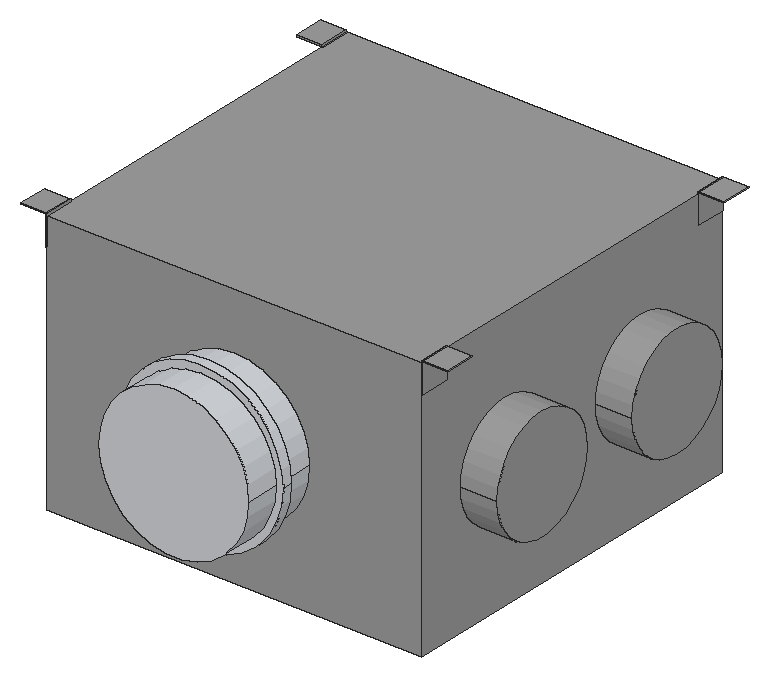
Revit family "FASU(F4-150 200Φ)", category ダクト付属品, Revit 2022
Family settings
  丸型コネクタ寸法 = 直径を使用
  パーツ タイプ = ダンパー
  OmniClass 番号 = 23.75.00.00
  OmniClass タイトル = Climate Control (HVAC)
  作業面ベース = いいえ
  常に垂直 = はい
  ロード時にボイドで切り取り = いいえ
  共有 = いいえ
Parameters
  高さ = 350 mm
  風量 = 0.0 L/s
  符号 = "FASU"
  形式 = "F4-150 200φ"
  幅 [instance] = 500 mm
  奥行き = 500 mm
  大きさ = 200 mm
  呼称 = "FASUチャンバー"
  付属品_下端レベル [instance] = 0 mm
  マテリアル [instance] = 既定値
  ダクト_イン = 200 mm
  ダクト_アウト = 150 mm
  既定の高さ = 0 mm
Reference planes
  plane 1 "中心(正面/背面)": y = 0
  plane 2: z = 0
  plane 3 "中心(左/右)": x = 0
  plane 4: x = -250
  plane 5: x = 250
  plane 6: y = -500
  plane 7: z = 350
  plane 8: z = 175
  plane 9: z = 266.963
  plane 10: z = 86.159
  plane 11: x = -251
  plane 12: z = 313.122
  plane 13: z = 352.122
  plane 14: y = -250
Forms (mm)
  Extrusion 1, solid, material "既定値" <- "マテリアル"
    sketch origin (0, 0, 0) x (1, 0, 0) y (0, 1, 0)
      loop
        line (-250, 0) -> (-250, -500) -> (250, -500) -> (250, 0) -> (-250, 0)
    from 0 to 350
  Extrusion 2, solid, material "既定値" <- "マテリアル"
    sketch origin (0, -30, 0) x (0, 1, 0) y (0, 0, 1)
      loop
        circle (-332.5, 175) r 74.985
    from -300 to -250
  Extrusion 3, solid, material "既定値" <- "マテリアル"
    sketch origin (550, -30, 0) x (0, 1, 0) y (0, 0, 1)
      loop
        circle (-332.5, 175) r 74.985
    from -300 to -250
  Extrusion 4, solid, material "既定値" <- "マテリアル"
    sketch origin (0, -30, 0) x (1, 0, 0) y (0, 1, 0)
      loop
        line (-250, 30) -> (-251, 30) -> (-251, -10) -> (-250, -10) -> (-250, 30)
    from 313.122 to 350
  Extrusion 5, solid, material "既定値" <- "マテリアル"
    sketch origin (0, -30, 0) x (1, 0, 0) y (0, 1, 0)
      loop
        line (-285, 30) -> (-285, -10) -> (-251, -10) -> (-251, 30) -> (-285, 30)
    from 352.122 to 350
  Extrusion 6, solid, material "既定値" <- "マテリアル"
    sketch origin (0, -30, 0) x (-1, 0, 0) y (0, -1, 0)
      loop
        line (-250, -30) -> (-250, 10) -> (-251, 10) -> (-251, -30) -> (-250, -30)
    from 313.122 to 353.122
  Extrusion 7, solid, material "既定値" <- "マテリアル"
    sketch origin (0, -30, 0) x (-1, 0, 0) y (0, -1, 0)
      loop
        line (-285, -30) -> (-251, -30) -> (-251, 10) -> (-285, 10) -> (-285, -30)
    from 352.122 to 353.122
  Extrusion 8, solid, material "既定値" <- "マテリアル"
    sketch origin (0, -490, 0) x (1, 0, 0) y (0, 1, 0)
      loop
        line (-285, 30) -> (-285, -10) -> (-251, -10) -> (-251, 30) -> (-285, 30)
    from 352.122 to 353.122
  Extrusion 9, solid, material "既定値" <- "マテリアル"
    sketch origin (0, -490, 0) x (1, 0, 0) y (0, 1, 0)
      loop
        line (-250, 30) -> (-251, 30) -> (-251, -10) -> (-250, -10) -> (-250, 30)
    from 313.122 to 353.122
  Extrusion 10, solid, material "既定値" <- "マテリアル"
    sketch origin (0, -490, 0) x (-1, 0, 0) y (0, -1, 0)
      loop
        line (-285, -30) -> (-251, -30) -> (-251, 10) -> (-285, 10) -> (-285, -30)
    from 352.122 to 353.122
  Extrusion 11, solid, material "既定値" <- "マテリアル"
    sketch origin (0, -490, 0) x (-1, 0, 0) y (0, -1, 0)
      loop
        line (-250, -30) -> (-250, 10) -> (-251, 10) -> (-251, -30) -> (-250, -30)
    from 313.122 to 353.122
  Extrusion 12, solid, material "既定値" <- "マテリアル"
    sketch origin (550, -470, 0) x (0, -1, 0) y (0, 0, -1)
      loop
        circle (-332.5, -175) r 74.985
    from -300 to -250
  Extrusion 13, solid, material "既定値" <- "マテリアル"
    sketch origin (-550, -470, 0) x (0, -1, 0) y (0, 0, 1)
      loop
        circle (-332.5, 175) r 74.985
    from -300 to -250
  Extrusion 14, solid
    sketch origin (945.05, 0, 42.896) x (1, 0, 0) y (0, 0, 1)
      loop
        circle (-945.05, 132.104) r 100
    from 500 to 542.5
  Extrusion 15, solid
    sketch origin (945.05, -57.5, 42.896) x (1, 0, 0) y (0, 0, 1)
      loop
        circle (-945.05, 132.104) r 100
    from 497.907 to 542.5
  Extrusion 16, solid
    sketch origin (0, 0, 0) x (1, 0, 0) y (0, 0, 1)
      loop
        circle (0, 175) r 110
    from 542.5 to 555.407
Lines and regions (mm)
  model lines
    curve 1: line (-250, -30, 0) -> (250, -30, 0)
    curve 2: line (-250, -470, 0) -> (250, -470, 0)
Text (mm)
  text "FASU(F4-150 200Φ)" at (120.822, -450.782, 0), in view "参照レベル"
Dimensions and locks
  equal spacing: plane 4, plane 3 "中心(左/右)", plane 5
  "幅": plane 4 to plane 5
  "奥行き": plane 6 to plane 1 "中心(正面/背面)"
  "高さ": plane 7 to level
  equal spacing: plane 7, plane 8, level
  equal spacing: plane 6, plane 14, plane 1 "中心(正面/背面)"
  aligned and locked: level to plane 2
  aligned and locked: Extrusion 1 sketch curve to plane 5
  aligned and locked: plane 7 to Extrusion 1
  aligned and locked: plane 4 to Extrusion 2
  aligned and locked: Extrusion 3 to plane 5
  aligned and locked: Extrusion 4 sketch curve to Extrusion 1
  aligned and locked: plane 7 to Extrusion 4
  aligned and locked: Extrusion 5 sketch curve to Extrusion 4
  aligned and locked: Extrusion 4 to Extrusion 5 sketch curve
  aligned and locked: plane 7 to Extrusion 5
  aligned and locked: Extrusion 5 to plane 13
  aligned and locked: Extrusion 6 to Extrusion 7 sketch curve
  aligned and locked: Extrusion 7 sketch curve to Extrusion 6
  aligned and locked: Extrusion 1 to Extrusion 10
  aligned and locked: Extrusion 8 to Extrusion 1
  aligned and locked: Extrusion 9 to Extrusion 1
  aligned and locked: Extrusion 1 to Extrusion 11
  aligned and locked: Extrusion 11 to Extrusion 10
  aligned and locked: Extrusion 9 to Extrusion 8
  aligned and locked: plane 4 to Extrusion 9
  aligned and locked: Extrusion 11 to plane 5
  aligned and locked: plane 4 to curve 1
  aligned and locked: plane 5 to curve 1
  aligned and locked: plane 5 to curve 2
  aligned and locked: plane 4 to curve 2
  aligned and locked: Extrusion 1 to Extrusion 5
  aligned and locked: Extrusion 7 to Extrusion 1
  aligned and locked: Extrusion 6 to plane 5
  aligned and locked: Extrusion 1 to plane 6
  aligned and locked: Extrusion 1 to plane 1 "中心(正面/背面)"
  aligned and locked: Extrusion 12 to plane 5
  aligned and locked: plane 4 to Extrusion 13
  aligned and locked: plane 6 to Extrusion 14
  aligned and locked: Extrusion 14 to Extrusion 16
  aligned and locked: Extrusion 16 to Extrusion 15
Automatic sketch dimensions
  plane 6 to curve 2 = 30 mm
  plane 1 "中心(正面/背面)" to curve 1 = 30 mm
  Extrusion 1 sketch curve to plane 4 = 0 mm
  Extrusion 1 sketch curve to plane 6 = 0 mm
  plane 1 "中心(正面/背面)" to Extrusion 1 sketch curve = 0 mm
  Extrusion 2 sketch curve to plane 8 = 0 mm
  Extrusion 2 sketch curve to plane 14 = 112.5 mm
  Extrusion 3 sketch curve to plane 8 = 0 mm
  Extrusion 3 sketch curve to plane 14 = 112.5 mm
  plane 1 "中心(正面/背面)" to Extrusion 4 sketch curve = 0 mm
  Extrusion 4 sketch curve to plane 11 = 0 mm
  Extrusion 4 sketch curve to Extrusion 4 sketch curve = 40 mm
  plane 1 "中心(正面/背面)" to Extrusion 5 sketch curve = 0 mm
  Extrusion 5 sketch curve to Extrusion 5 sketch curve = 34 mm
  plane 1 "中心(正面/背面)" to Extrusion 6 sketch curve = 0 mm
  Extrusion 6 sketch curve to plane 5 = 0 mm
  Extrusion 6 sketch curve to Extrusion 6 sketch curve = 1 mm
  Extrusion 6 sketch curve to Extrusion 6 sketch curve = 40 mm
  plane 1 "中心(正面/背面)" to Extrusion 7 sketch curve = 0 mm
  Extrusion 7 sketch curve to Extrusion 7 sketch curve = 34 mm
  Extrusion 8 sketch curve to plane 6 = 0 mm
  Extrusion 8 sketch curve to plane 11 = 0 mm
  Extrusion 8 sketch curve to Extrusion 8 sketch curve = 34 mm
  plane 6 to Extrusion 8 sketch curve = 40 mm
  Extrusion 9 sketch curve to plane 11 = 0 mm
  Extrusion 9 sketch curve to plane 4 = 0 mm
  Extrusion 9 sketch curve to plane 6 = 0 mm
  plane 6 to Extrusion 9 sketch curve = 40 mm
  Extrusion 10 sketch curve to plane 6 = 0 mm
  Extrusion 10 sketch curve to plane 5 = 35 mm
  Extrusion 10 sketch curve to plane 5 = 1 mm
  Extrusion 10 sketch curve to plane 6 = 40 mm
  Extrusion 11 sketch curve to plane 6 = 0 mm
  Extrusion 11 sketch curve to plane 5 = 0 mm
  Extrusion 11 sketch curve to Extrusion 11 sketch curve = 1 mm
  Extrusion 11 sketch curve to plane 6 = 40 mm
  Extrusion 12 sketch curve to plane 8 = 0 mm
  plane 14 to Extrusion 12 sketch curve = 112.5 mm
  Extrusion 13 sketch curve to plane 8 = 0 mm
  plane 14 to Extrusion 13 sketch curve = 112.5 mm
  Extrusion 14 sketch curve to plane 3 "中心(左/右)" = 0 mm
  Extrusion 14 sketch curve to plane 8 = 0 mm
  Extrusion 15 sketch curve to plane 3 "中心(左/右)" = 0 mm
  plane 8 to Extrusion 15 sketch curve = 0 mm
  Extrusion 16 sketch curve to plane 3 "中心(左/右)" = 0 mm
  Extrusion 16 sketch curve to plane 8 = 0 mm
  radius of Extrusion 2 sketch curve = 74.985 mm
  radius of Extrusion 3 sketch curve = 74.985 mm
  radius of Extrusion 12 sketch curve = 74.985 mm
  radius of Extrusion 13 sketch curve = 74.985 mm
  radius of Extrusion 14 sketch curve = 100 mm
  radius of Extrusion 15 sketch curve = 100 mm
  radius of Extrusion 16 sketch curve = 110 mm
Connectors
  hvac at (-300, -362.5, 175), driven by "ダクト_アウト"
    settings: on Extrusion 2, index 1, duct flow 0.0 L/s, flow factor 0, pres drop 0.0 Pa, loss coef 0, conn angle 0.00°, conn width 304.8 mm, conn height 304.8 mm, conn diameter 150 mm, duct sys type 29, conn prof type 0, flow config 0, flow direction 2, loss method 0, conn ref index -1, conn util no, is conn primary yes, conn desc ""
  hvac at (-300, -137.5, 175), driven by "ダクト_アウト"
    settings: on Extrusion 13, index 2, duct flow 0.0 L/s, flow factor 0, pres drop 0.0 Pa, loss coef 0, conn angle 0.00°, conn width 304.8 mm, conn height 304.8 mm, conn diameter 150 mm, duct sys type 29, conn prof type 0, flow config 0, flow direction 2, loss method 0, conn ref index -1, conn util no, is conn primary no, conn desc ""
  hvac at (300, -362.5, 175), driven by "ダクト_アウト"
    settings: on Extrusion 3, index 3, duct flow 0.0 L/s, flow factor 0, pres drop 0.0 Pa, loss coef 0, conn angle 0.00°, conn width 304.8 mm, conn height 304.8 mm, conn diameter 150 mm, duct sys type 29, conn prof type 0, flow config 0, flow direction 2, loss method 0, conn ref index -1, conn util no, is conn primary no, conn desc ""
  hvac at (300, -137.5, 175), driven by "ダクト_アウト"
    settings: on Extrusion 12, index 4, duct flow 0.0 L/s, flow factor 0, pres drop 0.0 Pa, loss coef 0, conn angle 0.00°, conn width 304.8 mm, conn height 304.8 mm, conn diameter 150 mm, duct sys type 29, conn prof type 0, flow config 0, flow direction 2, loss method 0, conn ref index -1, conn util no, is conn primary no, conn desc ""
  hvac at (0, -600, 175)
    settings: on Extrusion 15, index 5, duct flow 0.0 L/s, flow factor 0, pres drop 0.0 Pa, loss coef 0, conn angle 0.00°, conn width 304.8 mm, conn height 304.8 mm, conn diameter 200 mm, duct sys type 29, conn prof type 0, flow config 0, flow direction 1, loss method 0, conn ref index -1, conn util no, is conn primary no, conn desc ""
